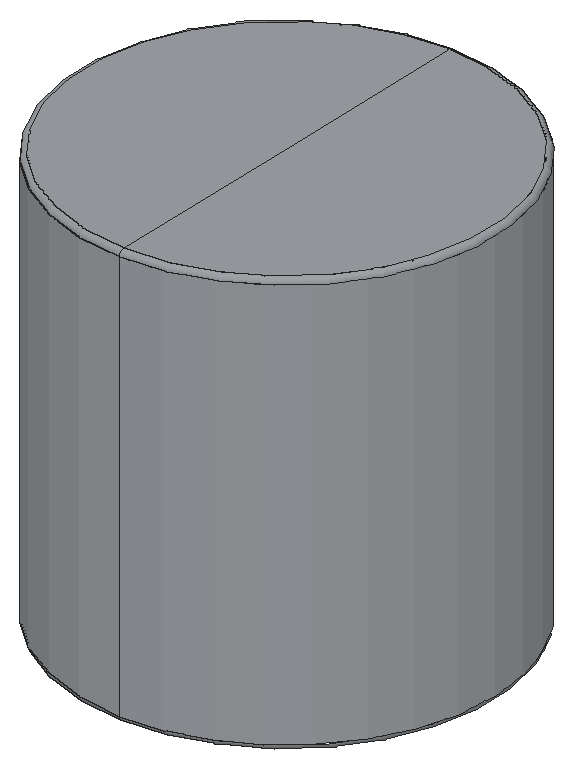
Revit family
Parameters
  URL = "http://www.martinbrattrud.com"
  Table Top [instance] = none
  Table [instance] = none
  SCS Certified Product = "Yes"
  Model = "Makayla 310-20C"
  Manufacturer = "Martin Brattrud, Inc."
  Keynote = "125000"
  Foot [instance] = none
  Copyright = "© 2013 Martin Brattrud, Inc."
  Authoring Version = "Revit Architecture 2010"
  Assembly Code = "E2020200"
Reference planes (in)
  plane 1 "Center Front/Back": y = 0
  plane 2: z = 0
  plane 3 "Center Left/Right": x = 0
Forms (in)
  Revolve 1, solid, material <- "Foot"
    sketch origin (0, -9.24282, 48) x (0, -1, 0) y (0, 0, 1)
      loop
        line (-0.375, -48) -> (-0.375, -47.75) -> (-0.75, -47.75) -> (-0.75, -47.90625)
        arc (-0.75, -47.90625) -> (-0.72254, -47.97254) -> (-0.65625, -48) r 0.09375
        line (-0.65625, -48) -> (-0.375, -48)
      axis (-0.375, -48) -> (-0.375, -47.75)
    angle from 0 to 360
  Revolve 2, solid, material <- "Foot"
    sketch origin (0, 9.24282, 48) x (0, 1, 0) y (0, 0, -1)
      loop
        line (-0.375, 48) -> (-0.65625, 48)
        arc (-0.65625, 48) -> (-0.72254, 47.97254) -> (-0.75, 47.90625) r 0.09375
        line (-0.75, 47.90625) -> (-0.75, 47.75) -> (-0.375, 47.75) -> (-0.375, 48)
      axis (-0.375, 48) -> (-0.375, 47.75)
    angle from 0 to 360
  Revolve 3, solid, material <- "Table"
    sketch origin (0, 0, 0) x (0, 1, 0) y (0, 0, 1)
      loop
        line (0, 20.25) -> (-10, 20.25) -> (-10, 0.5)
        arc (-10, 0.5) -> (-9.92678, 0.32322) -> (-9.75, 0.25) r 0.25
        line (-9.75, 0.25) -> (0, 0.25) -> (0, 20.25)
      axis (0, 20.25) -> (0, 0.25)
    angle from 0 to 360
  Revolve 4, solid
    sketch origin (0, 0, 0) x (0, 1, 0) y (0, 0, 1)
      loop
        line (0, 20.25) -> (0, 20.5) -> (-9.75, 20.5)
        arc (-9.75, 20.5) -> (-9.92678, 20.42678) -> (-10, 20.25) r 0.25
        line (-10, 20.25) -> (0, 20.25)
      axis (0, 20.5) -> (0, 20.25)
    angle from 0 to 360
  Revolve 5, solid, material <- "Foot"
    sketch origin (9.24282, 0, 48) x (1, 0, 0) y (0, 0, 1)
      loop
        line (-0.375, -48) -> (-0.375, -47.75) -> (-0.75, -47.75) -> (-0.75, -47.90625)
        arc (-0.75, -47.90625) -> (-0.72254, -47.97254) -> (-0.65625, -48) r 0.09375
        line (-0.65625, -48) -> (-0.375, -48)
      axis (-0.375, -48) -> (-0.375, -47.75)
    angle from 0 to 360
  Revolve 6, solid, material <- "Foot"
    sketch origin (-9.24282, 0, 48) x (-1, 0, 0) y (0, 0, -1)
      loop
        line (-0.375, 48) -> (-0.65625, 48)
        arc (-0.65625, 48) -> (-0.72254, 47.97254) -> (-0.75, 47.90625) r 0.09375
        line (-0.75, 47.90625) -> (-0.75, 47.75) -> (-0.375, 47.75) -> (-0.375, 48)
      axis (-0.375, 48) -> (-0.375, 47.75)
    angle from 0 to 360
